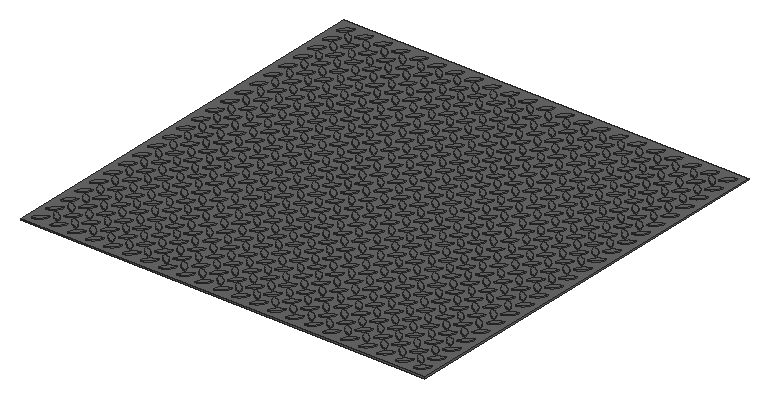
Revit family "141012021113804", category Modelos genéricos, Revit 2018 (continued)
Automatic sketch dimensions
  Blend 368 sketch curve to Blend 368 sketch curve = 0.855 mm  (x2)
  Blend 368 sketch curve to Blend 368 sketch curve = 0.00 mm  (x6)
  Blend 369 sketch curve to Blend 369 sketch curve = 23.647 mm  (x6)
  Blend 369 sketch curve to Blend 369 sketch curve = 16.459 mm  (x6)
  Blend 369 sketch curve to Blend 369 sketch curve = 0.855 mm  (x2)
  Blend 369 sketch curve to Blend 369 sketch curve = 0.00 mm  (x6)
  Blend 370 sketch curve to Blend 370 sketch curve = 23.647 mm  (x6)
  Blend 370 sketch curve to Blend 370 sketch curve = 16.459 mm  (x6)
  Blend 370 sketch curve to Blend 370 sketch curve = 0.855 mm  (x2)
  Blend 370 sketch curve to Blend 370 sketch curve = 0.00 mm  (x6)
  Blend 371 sketch curve to Blend 371 sketch curve = 23.647 mm  (x6)
  Blend 371 sketch curve to Blend 371 sketch curve = 16.459 mm  (x6)
  Blend 371 sketch curve to Blend 371 sketch curve = 0.855 mm  (x2)
  Blend 371 sketch curve to Blend 371 sketch curve = 0.00 mm  (x6)
  Blend 372 sketch curve to Blend 372 sketch curve = 23.647 mm  (x6)
  Blend 372 sketch curve to Blend 372 sketch curve = 16.459 mm  (x6)
  Blend 372 sketch curve to Blend 372 sketch curve = 0.855 mm  (x2)
  Blend 372 sketch curve to Blend 372 sketch curve = 0.00 mm  (x6)
  Blend 373 sketch curve to Blend 373 sketch curve = 23.647 mm  (x6)
  Blend 373 sketch curve to Blend 373 sketch curve = 16.459 mm  (x6)
  Blend 373 sketch curve to Blend 373 sketch curve = 0.855 mm  (x2)
  Blend 373 sketch curve to Blend 373 sketch curve = 0.00 mm  (x6)
  Blend 374 sketch curve to Blend 374 sketch curve = 23.647 mm  (x6)
  Blend 374 sketch curve to Blend 374 sketch curve = 16.459 mm  (x6)
  Blend 374 sketch curve to Blend 374 sketch curve = 0.855 mm  (x2)
  Blend 374 sketch curve to Blend 374 sketch curve = 0.00 mm  (x6)
  Blend 375 sketch curve to Blend 375 sketch curve = 23.647 mm  (x6)
  Blend 375 sketch curve to Blend 375 sketch curve = 16.459 mm  (x6)
  Blend 375 sketch curve to Blend 375 sketch curve = 0.855 mm  (x2)
  Blend 375 sketch curve to Blend 375 sketch curve = 0.00 mm  (x6)
  Blend 376 sketch curve to Blend 376 sketch curve = 23.647 mm  (x6)
  Blend 376 sketch curve to Blend 376 sketch curve = 16.459 mm  (x6)
  Blend 376 sketch curve to Blend 376 sketch curve = 0.855 mm  (x2)
  Blend 376 sketch curve to Blend 376 sketch curve = 0.00 mm  (x6)
  Blend 377 sketch curve to Blend 377 sketch curve = 23.647 mm  (x6)
  Blend 377 sketch curve to Blend 377 sketch curve = 16.459 mm  (x6)
  Blend 377 sketch curve to Blend 377 sketch curve = 0.855 mm  (x2)
  Blend 377 sketch curve to Blend 377 sketch curve = 0.00 mm  (x6)
  Blend 378 sketch curve to Blend 378 sketch curve = 23.647 mm  (x6)
  Blend 378 sketch curve to Blend 378 sketch curve = 16.459 mm  (x6)
  Blend 378 sketch curve to Blend 378 sketch curve = 0.855 mm  (x2)
  Blend 378 sketch curve to Blend 378 sketch curve = 0.00 mm  (x6)
  Blend 379 sketch curve to Blend 379 sketch curve = 23.647 mm  (x6)
  Blend 379 sketch curve to Blend 379 sketch curve = 16.459 mm  (x6)
  Blend 379 sketch curve to Blend 379 sketch curve = 0.855 mm  (x2)
  Blend 379 sketch curve to Blend 379 sketch curve = 0.00 mm  (x6)
  Blend 380 sketch curve to Blend 380 sketch curve = 23.647 mm  (x6)
  Blend 380 sketch curve to Blend 380 sketch curve = 16.459 mm  (x6)
  Blend 380 sketch curve to Blend 380 sketch curve = 0.855 mm  (x2)
  Blend 380 sketch curve to Blend 380 sketch curve = 0.00 mm  (x6)
  Blend 381 sketch curve to Blend 381 sketch curve = 23.647 mm  (x6)
  Blend 381 sketch curve to Blend 381 sketch curve = 16.459 mm  (x6)
  Blend 381 sketch curve to Blend 381 sketch curve = 0.855 mm  (x2)
  Blend 381 sketch curve to Blend 381 sketch curve = 0.00 mm  (x6)
  Blend 382 sketch curve to Blend 382 sketch curve = 23.647 mm  (x6)
  Blend 382 sketch curve to Blend 382 sketch curve = 16.459 mm  (x6)
  Blend 382 sketch curve to Blend 382 sketch curve = 0.855 mm  (x2)
  Blend 382 sketch curve to Blend 382 sketch curve = 0.00 mm  (x6)
  Blend 383 sketch curve to Blend 383 sketch curve = 23.647 mm  (x6)
  Blend 383 sketch curve to Blend 383 sketch curve = 16.459 mm  (x6)
  Blend 383 sketch curve to Blend 383 sketch curve = 0.855 mm  (x2)
  Blend 383 sketch curve to Blend 383 sketch curve = 0.00 mm  (x6)
  Blend 384 sketch curve to Blend 384 sketch curve = 23.647 mm  (x6)
  Blend 384 sketch curve to Blend 384 sketch curve = 16.459 mm  (x6)
  Blend 384 sketch curve to Blend 384 sketch curve = 0.855 mm  (x2)
  Blend 384 sketch curve to Blend 384 sketch curve = 0.00 mm  (x6)
  Blend 385 sketch curve to Blend 385 sketch curve = 23.647 mm  (x6)
  Blend 385 sketch curve to Blend 385 sketch curve = 16.459 mm  (x6)
  Blend 385 sketch curve to Blend 385 sketch curve = 0.855 mm  (x2)
  Blend 385 sketch curve to Blend 385 sketch curve = 0.00 mm  (x6)
  Blend 386 sketch curve to Blend 386 sketch curve = 23.647 mm  (x6)
  Blend 386 sketch curve to Blend 386 sketch curve = 16.459 mm  (x6)
  Blend 386 sketch curve to Blend 386 sketch curve = 0.855 mm  (x2)
  Blend 386 sketch curve to Blend 386 sketch curve = 0.00 mm  (x6)
  Blend 387 sketch curve to Blend 387 sketch curve = 23.647 mm  (x6)
  Blend 387 sketch curve to Blend 387 sketch curve = 16.459 mm  (x6)
  Blend 387 sketch curve to Blend 387 sketch curve = 0.855 mm  (x2)
  Blend 387 sketch curve to Blend 387 sketch curve = 0.00 mm  (x6)
  Blend 388 sketch curve to Blend 388 sketch curve = 23.647 mm  (x6)
  Blend 388 sketch curve to Blend 388 sketch curve = 16.459 mm  (x6)
  Blend 388 sketch curve to Blend 388 sketch curve = 0.855 mm  (x2)
  Blend 388 sketch curve to Blend 388 sketch curve = 0.00 mm  (x6)
  Blend 389 sketch curve to Blend 389 sketch curve = 23.647 mm  (x6)
  Blend 389 sketch curve to Blend 389 sketch curve = 16.459 mm  (x6)
  Blend 389 sketch curve to Blend 389 sketch curve = 0.855 mm  (x2)
  Blend 389 sketch curve to Blend 389 sketch curve = 0.00 mm  (x6)
  Blend 390 sketch curve to Blend 390 sketch curve = 23.647 mm  (x6)
  Blend 390 sketch curve to Blend 390 sketch curve = 16.459 mm  (x6)
  Blend 390 sketch curve to Blend 390 sketch curve = 0.855 mm  (x2)
  Blend 390 sketch curve to Blend 390 sketch curve = 0.00 mm  (x6)
  Blend 391 sketch curve to Blend 391 sketch curve = 23.647 mm  (x6)
  Blend 391 sketch curve to Blend 391 sketch curve = 16.459 mm  (x6)
  Blend 391 sketch curve to Blend 391 sketch curve = 0.855 mm  (x2)
  Blend 391 sketch curve to Blend 391 sketch curve = 0.00 mm  (x6)
  Blend 392 sketch curve to Blend 392 sketch curve = 23.647 mm  (x6)
  Blend 392 sketch curve to Blend 392 sketch curve = 16.459 mm  (x6)
  Blend 392 sketch curve to Blend 392 sketch curve = 0.855 mm  (x2)
  Blend 392 sketch curve to Blend 392 sketch curve = 0.00 mm  (x6)
  Blend 393 sketch curve to Blend 393 sketch curve = 23.647 mm  (x6)
  Blend 393 sketch curve to Blend 393 sketch curve = 16.459 mm  (x6)
  Blend 393 sketch curve to Blend 393 sketch curve = 0.855 mm  (x2)
  Blend 393 sketch curve to Blend 393 sketch curve = 0.00 mm  (x6)
  Blend 394 sketch curve to Blend 394 sketch curve = 23.647 mm  (x6)
  Blend 394 sketch curve to Blend 394 sketch curve = 16.459 mm  (x6)
  Blend 394 sketch curve to Blend 394 sketch curve = 0.855 mm  (x2)
  Blend 394 sketch curve to Blend 394 sketch curve = 0.00 mm  (x6)
  Blend 395 sketch curve to Blend 395 sketch curve = 23.647 mm  (x6)
  Blend 395 sketch curve to Blend 395 sketch curve = 16.459 mm  (x6)
  Blend 395 sketch curve to Blend 395 sketch curve = 0.855 mm  (x2)
  Blend 395 sketch curve to Blend 395 sketch curve = 0.00 mm  (x6)
  Blend 396 sketch curve to Blend 396 sketch curve = 23.647 mm  (x6)
  Blend 396 sketch curve to Blend 396 sketch curve = 16.459 mm  (x6)
  Blend 396 sketch curve to Blend 396 sketch curve = 0.855 mm  (x2)
  Blend 396 sketch curve to Blend 396 sketch curve = 0.00 mm  (x6)
  Blend 397 sketch curve to Blend 397 sketch curve = 23.647 mm  (x6)
  Blend 397 sketch curve to Blend 397 sketch curve = 16.459 mm  (x6)
  Blend 397 sketch curve to Blend 397 sketch curve = 0.855 mm  (x2)
  Blend 397 sketch curve to Blend 397 sketch curve = 0.00 mm  (x6)
  Blend 398 sketch curve to Blend 398 sketch curve = 23.647 mm  (x6)
  Blend 398 sketch curve to Blend 398 sketch curve = 16.459 mm  (x6)
  Blend 398 sketch curve to Blend 398 sketch curve = 0.855 mm  (x2)
  Blend 398 sketch curve to Blend 398 sketch curve = 0.00 mm  (x6)
  Blend 399 sketch curve to Blend 399 sketch curve = 23.647 mm  (x6)
  Blend 399 sketch curve to Blend 399 sketch curve = 16.459 mm  (x6)
  Blend 399 sketch curve to Blend 399 sketch curve = 0.855 mm  (x2)
  Blend 399 sketch curve to Blend 399 sketch curve = 0.00 mm  (x6)
  Blend 400 sketch curve to Blend 400 sketch curve = 23.647 mm  (x6)
  Blend 400 sketch curve to Blend 400 sketch curve = 16.459 mm  (x6)
  Blend 400 sketch curve to Blend 400 sketch curve = 0.855 mm  (x2)
  Blend 400 sketch curve to Blend 400 sketch curve = 0.00 mm  (x6)
  Blend 401 sketch curve to Blend 401 sketch curve = 23.647 mm  (x6)
  Blend 401 sketch curve to Blend 401 sketch curve = 16.459 mm  (x6)
  Blend 401 sketch curve to Blend 401 sketch curve = 0.855 mm  (x2)
  Blend 401 sketch curve to Blend 401 sketch curve = 0.00 mm  (x6)
  Blend 402 sketch curve to Blend 402 sketch curve = 23.647 mm  (x6)
  Blend 402 sketch curve to Blend 402 sketch curve = 16.459 mm  (x6)
  Blend 402 sketch curve to Blend 402 sketch curve = 0.855 mm  (x2)
  Blend 402 sketch curve to Blend 402 sketch curve = 0.00 mm  (x6)
  Blend 403 sketch curve to Blend 403 sketch curve = 23.647 mm  (x6)
  Blend 403 sketch curve to Blend 403 sketch curve = 16.459 mm  (x6)
  Blend 403 sketch curve to Blend 403 sketch curve = 0.855 mm  (x2)
  Blend 403 sketch curve to Blend 403 sketch curve = 0.00 mm  (x6)
  Blend 404 sketch curve to Blend 404 sketch curve = 23.647 mm  (x6)
  Blend 404 sketch curve to Blend 404 sketch curve = 16.459 mm  (x6)
  Blend 404 sketch curve to Blend 404 sketch curve = 0.855 mm  (x2)
  Blend 404 sketch curve to Blend 404 sketch curve = 0.00 mm  (x6)
  Blend 405 sketch curve to Blend 405 sketch curve = 23.647 mm  (x6)
  Blend 405 sketch curve to Blend 405 sketch curve = 16.459 mm  (x6)
  Blend 405 sketch curve to Blend 405 sketch curve = 0.855 mm  (x2)
  Blend 405 sketch curve to Blend 405 sketch curve = 0.00 mm  (x6)
  Blend 406 sketch curve to Blend 406 sketch curve = 23.647 mm  (x6)
  Blend 406 sketch curve to Blend 406 sketch curve = 16.459 mm  (x6)
  Blend 406 sketch curve to Blend 406 sketch curve = 0.855 mm  (x2)
  Blend 406 sketch curve to Blend 406 sketch curve = 0.00 mm  (x6)
  Blend 407 sketch curve to Blend 407 sketch curve = 23.647 mm  (x6)
  Blend 407 sketch curve to Blend 407 sketch curve = 16.459 mm  (x6)
  Blend 407 sketch curve to Blend 407 sketch curve = 0.855 mm  (x2)
  Blend 407 sketch curve to Blend 407 sketch curve = 0.00 mm  (x6)
  Blend 408 sketch curve to Blend 408 sketch curve = 23.647 mm  (x6)
  Blend 408 sketch curve to Blend 408 sketch curve = 16.459 mm  (x6)
  Blend 408 sketch curve to Blend 408 sketch curve = 0.855 mm  (x2)
  Blend 408 sketch curve to Blend 408 sketch curve = 0.00 mm  (x6)
  Blend 409 sketch curve to Blend 409 sketch curve = 23.647 mm  (x6)
  Blend 409 sketch curve to Blend 409 sketch curve = 16.459 mm  (x6)
  Blend 409 sketch curve to Blend 409 sketch curve = 0.855 mm  (x2)
  Blend 409 sketch curve to Blend 409 sketch curve = 0.00 mm  (x6)
  Blend 410 sketch curve to Blend 410 sketch curve = 23.647 mm  (x6)
  Blend 410 sketch curve to Blend 410 sketch curve = 16.459 mm  (x6)
  Blend 410 sketch curve to Blend 410 sketch curve = 0.855 mm  (x2)
  Blend 410 sketch curve to Blend 410 sketch curve = 0.00 mm  (x6)
  Blend 411 sketch curve to Blend 411 sketch curve = 23.647 mm  (x6)
  Blend 411 sketch curve to Blend 411 sketch curve = 16.459 mm  (x6)
  Blend 411 sketch curve to Blend 411 sketch curve = 0.855 mm  (x2)
  Blend 411 sketch curve to Blend 411 sketch curve = 0.00 mm  (x6)
  Blend 412 sketch curve to Blend 412 sketch curve = 23.647 mm  (x6)
  Blend 412 sketch curve to Blend 412 sketch curve = 16.459 mm  (x6)
  Blend 412 sketch curve to Blend 412 sketch curve = 0.855 mm  (x2)
  Blend 412 sketch curve to Blend 412 sketch curve = 0.00 mm  (x6)
  Blend 413 sketch curve to Blend 413 sketch curve = 23.647 mm  (x6)
  Blend 413 sketch curve to Blend 413 sketch curve = 16.459 mm  (x6)
  Blend 413 sketch curve to Blend 413 sketch curve = 0.855 mm  (x2)
  Blend 413 sketch curve to Blend 413 sketch curve = 0.00 mm  (x6)
  Blend 414 sketch curve to Blend 414 sketch curve = 23.647 mm  (x6)
  Blend 414 sketch curve to Blend 414 sketch curve = 16.459 mm  (x6)
  Blend 414 sketch curve to Blend 414 sketch curve = 0.855 mm  (x2)
  Blend 414 sketch curve to Blend 414 sketch curve = 0.00 mm  (x6)
  Blend 415 sketch curve to Blend 415 sketch curve = 23.647 mm  (x6)
  Blend 415 sketch curve to Blend 415 sketch curve = 16.459 mm  (x6)
  Blend 415 sketch curve to Blend 415 sketch curve = 0.855 mm  (x2)
  Blend 415 sketch curve to Blend 415 sketch curve = 0.00 mm  (x6)
  Blend 416 sketch curve to Blend 416 sketch curve = 23.647 mm  (x6)
  Blend 416 sketch curve to Blend 416 sketch curve = 16.459 mm  (x6)
  Blend 416 sketch curve to Blend 416 sketch curve = 0.855 mm  (x2)
  Blend 416 sketch curve to Blend 416 sketch curve = 0.00 mm  (x6)
  Blend 417 sketch curve to Blend 417 sketch curve = 23.647 mm  (x6)
  Blend 417 sketch curve to Blend 417 sketch curve = 16.459 mm  (x6)
  Blend 417 sketch curve to Blend 417 sketch curve = 0.855 mm  (x2)
  Blend 417 sketch curve to Blend 417 sketch curve = 0.00 mm  (x6)
  Blend 418 sketch curve to Blend 418 sketch curve = 23.647 mm  (x6)
  Blend 418 sketch curve to Blend 418 sketch curve = 16.459 mm  (x6)
  Blend 418 sketch curve to Blend 418 sketch curve = 0.855 mm  (x2)
  Blend 418 sketch curve to Blend 418 sketch curve = 0.00 mm  (x6)
  Blend 419 sketch curve to Blend 419 sketch curve = 23.647 mm  (x6)
  Blend 419 sketch curve to Blend 419 sketch curve = 16.459 mm  (x6)
  Blend 419 sketch curve to Blend 419 sketch curve = 0.855 mm  (x2)
  Blend 419 sketch curve to Blend 419 sketch curve = 0.00 mm  (x6)
  Blend 420 sketch curve to Blend 420 sketch curve = 23.647 mm  (x6)
  Blend 420 sketch curve to Blend 420 sketch curve = 16.459 mm  (x6)
  Blend 420 sketch curve to Blend 420 sketch curve = 0.855 mm  (x2)
  Blend 420 sketch curve to Blend 420 sketch curve = 0.00 mm  (x6)
  Blend 421 sketch curve to Blend 421 sketch curve = 23.647 mm  (x6)
  Blend 421 sketch curve to Blend 421 sketch curve = 16.459 mm  (x6)
  Blend 421 sketch curve to Blend 421 sketch curve = 0.855 mm  (x2)
  Blend 421 sketch curve to Blend 421 sketch curve = 0.00 mm  (x6)
  Blend 422 sketch curve to Blend 422 sketch curve = 23.647 mm  (x6)
  Blend 422 sketch curve to Blend 422 sketch curve = 16.459 mm  (x6)
  Blend 422 sketch curve to Blend 422 sketch curve = 0.855 mm  (x2)
  Blend 422 sketch curve to Blend 422 sketch curve = 0.00 mm  (x6)
  Blend 423 sketch curve to Blend 423 sketch curve = 23.647 mm  (x6)
  Blend 423 sketch curve to Blend 423 sketch curve = 16.459 mm  (x6)
  Blend 423 sketch curve to Blend 423 sketch curve = 0.855 mm  (x2)
  Blend 423 sketch curve to Blend 423 sketch curve = 0.00 mm  (x6)
  Blend 424 sketch curve to Blend 424 sketch curve = 23.647 mm  (x6)
  Blend 424 sketch curve to Blend 424 sketch curve = 16.459 mm  (x6)
  Blend 424 sketch curve to Blend 424 sketch curve = 0.855 mm  (x2)
  Blend 424 sketch curve to Blend 424 sketch curve = 0.00 mm  (x6)
  Blend 425 sketch curve to Blend 425 sketch curve = 23.647 mm  (x6)
  Blend 425 sketch curve to Blend 425 sketch curve = 16.459 mm  (x6)
  Blend 425 sketch curve to Blend 425 sketch curve = 0.855 mm  (x2)
  Blend 425 sketch curve to Blend 425 sketch curve = 0.00 mm  (x6)
  Blend 426 sketch curve to Blend 426 sketch curve = 23.647 mm  (x6)
  Blend 426 sketch curve to Blend 426 sketch curve = 16.459 mm  (x6)
  Blend 426 sketch curve to Blend 426 sketch curve = 0.855 mm  (x2)
  Blend 426 sketch curve to Blend 426 sketch curve = 0.00 mm  (x6)
  Blend 427 sketch curve to Blend 427 sketch curve = 23.647 mm  (x6)
  Blend 427 sketch curve to Blend 427 sketch curve = 16.459 mm  (x6)
  Blend 427 sketch curve to Blend 427 sketch curve = 0.855 mm  (x2)
  Blend 427 sketch curve to Blend 427 sketch curve = 0.00 mm  (x6)
  Blend 428 sketch curve to Blend 428 sketch curve = 23.647 mm  (x6)
  Blend 428 sketch curve to Blend 428 sketch curve = 16.459 mm  (x6)
  Blend 428 sketch curve to Blend 428 sketch curve = 0.855 mm  (x2)
  Blend 428 sketch curve to Blend 428 sketch curve = 0.00 mm  (x6)
  Blend 429 sketch curve to Blend 429 sketch curve = 23.647 mm  (x6)
  Blend 429 sketch curve to Blend 429 sketch curve = 16.459 mm  (x6)
  Blend 429 sketch curve to Blend 429 sketch curve = 0.855 mm  (x2)
  Blend 429 sketch curve to Blend 429 sketch curve = 0.00 mm  (x6)
  Blend 430 sketch curve to Blend 430 sketch curve = 23.647 mm  (x6)
  Blend 430 sketch curve to Blend 430 sketch curve = 16.459 mm  (x6)
  Blend 430 sketch curve to Blend 430 sketch curve = 0.855 mm  (x2)
  Blend 430 sketch curve to Blend 430 sketch curve = 0.00 mm  (x6)
  Blend 431 sketch curve to Blend 431 sketch curve = 23.647 mm  (x6)
  Blend 431 sketch curve to Blend 431 sketch curve = 16.459 mm  (x6)
  Blend 431 sketch curve to Blend 431 sketch curve = 0.855 mm  (x2)
  Blend 431 sketch curve to Blend 431 sketch curve = 0.00 mm  (x6)
  Blend 432 sketch curve to Blend 432 sketch curve = 23.647 mm  (x6)
  Blend 432 sketch curve to Blend 432 sketch curve = 16.459 mm  (x6)
  Blend 432 sketch curve to Blend 432 sketch curve = 0.855 mm  (x2)
  Blend 432 sketch curve to Blend 432 sketch curve = 0.00 mm  (x6)
  Blend 433 sketch curve to Blend 433 sketch curve = 23.647 mm  (x6)
  Blend 433 sketch curve to Blend 433 sketch curve = 16.459 mm  (x6)
  Blend 433 sketch curve to Blend 433 sketch curve = 0.855 mm  (x2)
  Blend 433 sketch curve to Blend 433 sketch curve = 0.00 mm  (x6)
  Blend 434 sketch curve to Blend 434 sketch curve = 23.647 mm  (x6)
  Blend 434 sketch curve to Blend 434 sketch curve = 16.459 mm  (x6)
  Blend 434 sketch curve to Blend 434 sketch curve = 0.855 mm  (x2)
  Blend 434 sketch curve to Blend 434 sketch curve = 0.00 mm  (x6)
  Blend 435 sketch curve to Blend 435 sketch curve = 23.647 mm  (x6)
  Blend 435 sketch curve to Blend 435 sketch curve = 16.459 mm  (x6)
  Blend 435 sketch curve to Blend 435 sketch curve = 0.855 mm  (x2)
  Blend 435 sketch curve to Blend 435 sketch curve = 0.00 mm  (x6)
  Blend 436 sketch curve to Blend 436 sketch curve = 23.647 mm  (x6)
  Blend 436 sketch curve to Blend 436 sketch curve = 16.459 mm  (x6)
  Blend 436 sketch curve to Blend 436 sketch curve = 0.855 mm  (x2)
  Blend 436 sketch curve to Blend 436 sketch curve = 0.00 mm  (x6)
  Blend 437 sketch curve to Blend 437 sketch curve = 23.647 mm  (x6)
  Blend 437 sketch curve to Blend 437 sketch curve = 16.459 mm  (x6)
  Blend 437 sketch curve to Blend 437 sketch curve = 0.855 mm  (x2)
  Blend 437 sketch curve to Blend 437 sketch curve = 0.00 mm  (x6)
  Blend 438 sketch curve to Blend 438 sketch curve = 23.647 mm  (x6)
  Blend 438 sketch curve to Blend 438 sketch curve = 16.459 mm  (x6)
  Blend 438 sketch curve to Blend 438 sketch curve = 0.855 mm  (x2)
  Blend 438 sketch curve to Blend 438 sketch curve = 0.00 mm  (x6)
  Blend 439 sketch curve to Blend 439 sketch curve = 23.647 mm  (x6)
  Blend 439 sketch curve to Blend 439 sketch curve = 16.459 mm  (x6)
  Blend 439 sketch curve to Blend 439 sketch curve = 0.855 mm  (x2)
  Blend 439 sketch curve to Blend 439 sketch curve = 0.00 mm  (x6)
  Blend 440 sketch curve to Blend 440 sketch curve = 23.647 mm  (x6)
  Blend 440 sketch curve to Blend 440 sketch curve = 16.459 mm  (x6)
  Blend 440 sketch curve to Blend 440 sketch curve = 0.855 mm  (x2)
  Blend 440 sketch curve to Blend 440 sketch curve = 0.00 mm  (x6)
  Blend 441 sketch curve to Blend 441 sketch curve = 23.647 mm  (x6)
  Blend 441 sketch curve to Blend 441 sketch curve = 16.459 mm  (x6)
  Blend 441 sketch curve to Blend 441 sketch curve = 0.855 mm  (x2)
  Blend 441 sketch curve to Blend 441 sketch curve = 0.00 mm  (x6)
  Blend 442 sketch curve to Blend 442 sketch curve = 23.647 mm  (x6)
  Blend 442 sketch curve to Blend 442 sketch curve = 16.459 mm  (x6)
  Blend 442 sketch curve to Blend 442 sketch curve = 0.855 mm  (x2)
  Blend 442 sketch curve to Blend 442 sketch curve = 0.00 mm  (x6)
  Blend 443 sketch curve to Blend 443 sketch curve = 23.647 mm  (x6)
  Blend 443 sketch curve to Blend 443 sketch curve = 16.459 mm  (x6)
  Blend 443 sketch curve to Blend 443 sketch curve = 0.855 mm  (x2)
  Blend 443 sketch curve to Blend 443 sketch curve = 0.00 mm  (x6)
  Blend 444 sketch curve to Blend 444 sketch curve = 23.647 mm  (x6)
  Blend 444 sketch curve to Blend 444 sketch curve = 16.459 mm  (x6)
  Blend 444 sketch curve to Blend 444 sketch curve = 0.855 mm  (x2)
  Blend 444 sketch curve to Blend 444 sketch curve = 0.00 mm  (x6)
  Blend 445 sketch curve to Blend 445 sketch curve = 23.647 mm  (x6)
  Blend 445 sketch curve to Blend 445 sketch curve = 16.459 mm  (x6)
  Blend 445 sketch curve to Blend 445 sketch curve = 0.855 mm  (x2)
  Blend 445 sketch curve to Blend 445 sketch curve = 0.00 mm  (x6)
  Blend 446 sketch curve to Blend 446 sketch curve = 23.647 mm  (x6)
  Blend 446 sketch curve to Blend 446 sketch curve = 16.459 mm  (x6)
  Blend 446 sketch curve to Blend 446 sketch curve = 0.855 mm  (x2)
  Blend 446 sketch curve to Blend 446 sketch curve = 0.00 mm  (x6)
  Blend 447 sketch curve to Blend 447 sketch curve = 23.647 mm  (x6)
  Blend 447 sketch curve to Blend 447 sketch curve = 16.459 mm  (x6)
  Blend 447 sketch curve to Blend 447 sketch curve = 0.855 mm  (x2)
  Blend 447 sketch curve to Blend 447 sketch curve = 0.00 mm  (x6)
  Blend 448 sketch curve to Blend 448 sketch curve = 23.647 mm  (x6)
  Blend 448 sketch curve to Blend 448 sketch curve = 16.459 mm  (x6)
  Blend 448 sketch curve to Blend 448 sketch curve = 0.855 mm  (x2)
  Blend 448 sketch curve to Blend 448 sketch curve = 0.00 mm  (x6)
  Blend 449 sketch curve to Blend 449 sketch curve = 23.647 mm  (x6)
  Blend 449 sketch curve to Blend 449 sketch curve = 16.459 mm  (x6)
  Blend 449 sketch curve to Blend 449 sketch curve = 0.855 mm  (x2)
  Blend 449 sketch curve to Blend 449 sketch curve = 0.00 mm  (x6)
  Blend 450 sketch curve to Blend 450 sketch curve = 23.647 mm  (x6)
  Blend 450 sketch curve to Blend 450 sketch curve = 16.459 mm  (x6)
  Blend 450 sketch curve to Blend 450 sketch curve = 0.855 mm  (x2)
  Blend 450 sketch curve to Blend 450 sketch curve = 0.00 mm  (x6)
  Blend 451 sketch curve to Blend 451 sketch curve = 23.647 mm  (x6)
  Blend 451 sketch curve to Blend 451 sketch curve = 16.459 mm  (x6)
  Blend 451 sketch curve to Blend 451 sketch curve = 0.855 mm  (x2)
  Blend 451 sketch curve to Blend 451 sketch curve = 0.00 mm  (x6)
  Blend 452 sketch curve to Blend 452 sketch curve = 23.647 mm  (x6)
  Blend 452 sketch curve to Blend 452 sketch curve = 16.459 mm  (x6)
  Blend 452 sketch curve to Blend 452 sketch curve = 0.855 mm  (x2)
  Blend 452 sketch curve to Blend 452 sketch curve = 0.00 mm  (x6)
  Blend 453 sketch curve to Blend 453 sketch curve = 23.647 mm  (x6)
  Blend 453 sketch curve to Blend 453 sketch curve = 16.459 mm  (x6)
  Blend 453 sketch curve to Blend 453 sketch curve = 0.855 mm  (x2)
  Blend 453 sketch curve to Blend 453 sketch curve = 0.00 mm  (x6)
  Blend 454 sketch curve to Blend 454 sketch curve = 23.647 mm  (x6)
  Blend 454 sketch curve to Blend 454 sketch curve = 16.459 mm  (x6)
  Blend 454 sketch curve to Blend 454 sketch curve = 0.855 mm  (x2)
  Blend 454 sketch curve to Blend 454 sketch curve = 0.00 mm  (x6)
  Blend 455 sketch curve to Blend 455 sketch curve = 23.647 mm  (x6)
  Blend 455 sketch curve to Blend 455 sketch curve = 16.459 mm  (x6)
  Blend 455 sketch curve to Blend 455 sketch curve = 0.855 mm  (x2)
  Blend 455 sketch curve to Blend 455 sketch curve = 0.00 mm  (x6)
  Blend 456 sketch curve to Blend 456 sketch curve = 23.647 mm  (x6)
  Blend 456 sketch curve to Blend 456 sketch curve = 16.459 mm  (x6)
  Blend 456 sketch curve to Blend 456 sketch curve = 0.855 mm  (x2)
  Blend 456 sketch curve to Blend 456 sketch curve = 0.00 mm  (x6)
  Blend 457 sketch curve to Blend 457 sketch curve = 23.647 mm  (x6)
  Blend 457 sketch curve to Blend 457 sketch curve = 16.459 mm  (x6)
  Blend 457 sketch curve to Blend 457 sketch curve = 0.855 mm  (x2)
  Blend 457 sketch curve to Blend 457 sketch curve = 0.00 mm  (x6)
  Blend 458 sketch curve to Blend 458 sketch curve = 23.647 mm  (x6)
  Blend 458 sketch curve to Blend 458 sketch curve = 16.459 mm  (x6)
  Blend 458 sketch curve to Blend 458 sketch curve = 0.855 mm  (x2)
  Blend 458 sketch curve to Blend 458 sketch curve = 0.00 mm  (x6)
  Blend 459 sketch curve to Blend 459 sketch curve = 23.647 mm  (x6)
  Blend 459 sketch curve to Blend 459 sketch curve = 16.459 mm  (x6)
  Blend 459 sketch curve to Blend 459 sketch curve = 0.855 mm  (x2)
  Blend 459 sketch curve to Blend 459 sketch curve = 0.00 mm  (x6)
  Blend 460 sketch curve to Blend 460 sketch curve = 23.647 mm  (x6)
  Blend 460 sketch curve to Blend 460 sketch curve = 16.459 mm  (x6)
  Blend 460 sketch curve to Blend 460 sketch curve = 0.855 mm  (x2)
  Blend 460 sketch curve to Blend 460 sketch curve = 0.00 mm  (x6)
  Blend 461 sketch curve to Blend 461 sketch curve = 23.647 mm  (x6)
  Blend 461 sketch curve to Blend 461 sketch curve = 16.459 mm  (x6)
  Blend 461 sketch curve to Blend 461 sketch curve = 0.855 mm  (x2)
  Blend 461 sketch curve to Blend 461 sketch curve = 0.00 mm  (x6)
  Blend 462 sketch curve to Blend 462 sketch curve = 23.647 mm  (x6)
  Blend 462 sketch curve to Blend 462 sketch curve = 16.459 mm  (x6)
  Blend 462 sketch curve to Blend 462 sketch curve = 0.855 mm  (x2)
  Blend 462 sketch curve to Blend 462 sketch curve = 0.00 mm  (x6)
  Blend 463 sketch curve to Blend 463 sketch curve = 23.647 mm  (x6)
  Blend 463 sketch curve to Blend 463 sketch curve = 16.459 mm  (x6)
  Blend 463 sketch curve to Blend 463 sketch curve = 0.855 mm  (x2)
  Blend 463 sketch curve to Blend 463 sketch curve = 0.00 mm  (x6)
  Blend 464 sketch curve to Blend 464 sketch curve = 23.647 mm  (x6)
  Blend 464 sketch curve to Blend 464 sketch curve = 16.459 mm  (x6)
  Blend 464 sketch curve to Blend 464 sketch curve = 0.855 mm  (x2)
  Blend 464 sketch curve to Blend 464 sketch curve = 0.00 mm  (x6)
  Blend 465 sketch curve to Blend 465 sketch curve = 23.647 mm  (x6)
  Blend 465 sketch curve to Blend 465 sketch curve = 16.459 mm  (x6)
  Blend 465 sketch curve to Blend 465 sketch curve = 0.855 mm  (x2)
  Blend 465 sketch curve to Blend 465 sketch curve = 0.00 mm  (x6)
  Blend 466 sketch curve to Blend 466 sketch curve = 23.647 mm  (x6)
  Blend 466 sketch curve to Blend 466 sketch curve = 16.459 mm  (x6)
  Blend 466 sketch curve to Blend 466 sketch curve = 0.855 mm  (x2)
  Blend 466 sketch curve to Blend 466 sketch curve = 0.00 mm  (x6)
  Blend 467 sketch curve to Blend 467 sketch curve = 23.647 mm  (x6)
  Blend 467 sketch curve to Blend 467 sketch curve = 16.459 mm  (x6)
  Blend 467 sketch curve to Blend 467 sketch curve = 0.855 mm  (x2)
  Blend 467 sketch curve to Blend 467 sketch curve = 0.00 mm  (x6)
  Blend 468 sketch curve to Blend 468 sketch curve = 23.647 mm  (x6)
  Blend 468 sketch curve to Blend 468 sketch curve = 16.459 mm  (x6)
  Blend 468 sketch curve to Blend 468 sketch curve = 0.855 mm  (x2)
  Blend 468 sketch curve to Blend 468 sketch curve = 0.00 mm  (x6)
  Blend 469 sketch curve to Blend 469 sketch curve = 23.647 mm  (x6)
  Blend 469 sketch curve to Blend 469 sketch curve = 16.459 mm  (x6)
  Blend 469 sketch curve to Blend 469 sketch curve = 0.855 mm  (x2)
  Blend 469 sketch curve to Blend 469 sketch curve = 0.00 mm  (x6)
  Blend 470 sketch curve to Blend 470 sketch curve = 23.647 mm  (x6)
  Blend 470 sketch curve to Blend 470 sketch curve = 16.459 mm  (x6)
  Blend 470 sketch curve to Blend 470 sketch curve = 0.855 mm  (x2)
  Blend 470 sketch curve to Blend 470 sketch curve = 0.00 mm  (x6)
  Blend 471 sketch curve to Blend 471 sketch curve = 23.647 mm  (x6)
  Blend 471 sketch curve to Blend 471 sketch curve = 16.459 mm  (x6)
  Blend 471 sketch curve to Blend 471 sketch curve = 0.855 mm  (x2)
  Blend 471 sketch curve to Blend 471 sketch curve = 0.00 mm  (x6)
  Blend 472 sketch curve to Blend 472 sketch curve = 23.647 mm  (x6)
  Blend 472 sketch curve to Blend 472 sketch curve = 16.459 mm  (x6)
  Blend 472 sketch curve to Blend 472 sketch curve = 0.855 mm  (x2)
  Blend 472 sketch curve to Blend 472 sketch curve = 0.00 mm  (x6)
  Blend 473 sketch curve to Blend 473 sketch curve = 23.647 mm  (x6)
  Blend 473 sketch curve to Blend 473 sketch curve = 16.459 mm  (x6)
  Blend 473 sketch curve to Blend 473 sketch curve = 0.855 mm  (x2)
  Blend 473 sketch curve to Blend 473 sketch curve = 0.00 mm  (x6)
  Blend 474 sketch curve to Blend 474 sketch curve = 23.647 mm  (x6)
  Blend 474 sketch curve to Blend 474 sketch curve = 16.459 mm  (x6)
  Blend 474 sketch curve to Blend 474 sketch curve = 0.855 mm  (x2)
  Blend 474 sketch curve to Blend 474 sketch curve = 0.00 mm  (x6)
  Blend 475 sketch curve to Blend 475 sketch curve = 23.647 mm  (x6)
  Blend 475 sketch curve to Blend 475 sketch curve = 16.459 mm  (x6)
  Blend 475 sketch curve to Blend 475 sketch curve = 0.855 mm  (x2)
  Blend 475 sketch curve to Blend 475 sketch curve = 0.00 mm  (x6)
  Blend 476 sketch curve to Blend 476 sketch curve = 23.647 mm  (x6)
  Blend 476 sketch curve to Blend 476 sketch curve = 16.459 mm  (x6)
  Blend 476 sketch curve to Blend 476 sketch curve = 0.855 mm  (x2)
  Blend 476 sketch curve to Blend 476 sketch curve = 0.00 mm  (x6)
  Blend 477 sketch curve to Blend 477 sketch curve = 23.647 mm  (x6)
  Blend 477 sketch curve to Blend 477 sketch curve = 16.459 mm  (x6)
  Blend 477 sketch curve to Blend 477 sketch curve = 0.855 mm  (x2)
  Blend 477 sketch curve to Blend 477 sketch curve = 0.00 mm  (x6)
  Blend 478 sketch curve to Blend 478 sketch curve = 23.647 mm  (x6)
  Blend 478 sketch curve to Blend 478 sketch curve = 16.459 mm  (x6)
  Blend 478 sketch curve to Blend 478 sketch curve = 0.855 mm  (x2)
  Blend 478 sketch curve to Blend 478 sketch curve = 0.00 mm  (x6)
  Blend 479 sketch curve to Blend 479 sketch curve = 23.647 mm  (x6)
  Blend 479 sketch curve to Blend 479 sketch curve = 16.459 mm  (x6)
  Blend 479 sketch curve to Blend 479 sketch curve = 0.855 mm  (x2)
  Blend 479 sketch curve to Blend 479 sketch curve = 0.00 mm  (x6)
  Blend 480 sketch curve to Blend 480 sketch curve = 23.647 mm  (x6)
  Blend 480 sketch curve to Blend 480 sketch curve = 16.459 mm  (x6)
  Blend 480 sketch curve to Blend 480 sketch curve = 0.855 mm  (x2)
  Blend 480 sketch curve to Blend 480 sketch curve = 0.00 mm  (x6)
  Blend 481 sketch curve to Blend 481 sketch curve = 23.647 mm  (x6)
  Blend 481 sketch curve to Blend 481 sketch curve = 16.459 mm  (x6)
  Blend 481 sketch curve to Blend 481 sketch curve = 0.855 mm  (x2)
  Blend 481 sketch curve to Blend 481 sketch curve = 0.00 mm  (x6)
  Blend 482 sketch curve to Blend 482 sketch curve = 23.647 mm  (x6)
  Blend 482 sketch curve to Blend 482 sketch curve = 16.459 mm  (x6)
  Blend 482 sketch curve to Blend 482 sketch curve = 0.855 mm  (x2)
  Blend 482 sketch curve to Blend 482 sketch curve = 0.00 mm  (x6)
  Blend 483 sketch curve to Blend 483 sketch curve = 23.647 mm  (x6)
  Blend 483 sketch curve to Blend 483 sketch curve = 16.459 mm  (x6)
  Blend 483 sketch curve to Blend 483 sketch curve = 0.855 mm  (x2)
  Blend 483 sketch curve to Blend 483 sketch curve = 0.00 mm  (x6)
  Blend 484 sketch curve to Blend 484 sketch curve = 23.647 mm  (x6)
  Blend 484 sketch curve to Blend 484 sketch curve = 16.459 mm  (x6)
  Blend 484 sketch curve to Blend 484 sketch curve = 0.855 mm  (x2)
  Blend 484 sketch curve to Blend 484 sketch curve = 0.00 mm  (x6)
  Blend 485 sketch curve to Blend 485 sketch curve = 23.647 mm  (x6)
  Blend 485 sketch curve to Blend 485 sketch curve = 16.459 mm  (x6)
  Blend 485 sketch curve to Blend 485 sketch curve = 0.855 mm  (x2)
  Blend 485 sketch curve to Blend 485 sketch curve = 0.00 mm  (x6)
  Blend 486 sketch curve to Blend 486 sketch curve = 23.647 mm  (x6)
  Blend 486 sketch curve to Blend 486 sketch curve = 16.459 mm  (x6)
  Blend 486 sketch curve to Blend 486 sketch curve = 0.855 mm  (x2)
  Blend 486 sketch curve to Blend 486 sketch curve = 0.00 mm  (x6)
  Blend 487 sketch curve to Blend 487 sketch curve = 23.647 mm  (x6)
  Blend 487 sketch curve to Blend 487 sketch curve = 16.459 mm  (x6)
  Blend 487 sketch curve to Blend 487 sketch curve = 0.855 mm  (x2)
  Blend 487 sketch curve to Blend 487 sketch curve = 0.00 mm  (x6)
  Blend 488 sketch curve to Blend 488 sketch curve = 23.647 mm  (x6)
  Blend 488 sketch curve to Blend 488 sketch curve = 16.459 mm  (x6)
  Blend 488 sketch curve to Blend 488 sketch curve = 0.855 mm  (x2)
  Blend 488 sketch curve to Blend 488 sketch curve = 0.00 mm  (x6)
  Blend 489 sketch curve to Blend 489 sketch curve = 23.647 mm  (x6)
  Blend 489 sketch curve to Blend 489 sketch curve = 16.459 mm  (x6)
  Blend 489 sketch curve to Blend 489 sketch curve = 0.855 mm  (x2)
  Blend 489 sketch curve to Blend 489 sketch curve = 0.00 mm  (x6)
  Blend 490 sketch curve to Blend 490 sketch curve = 23.647 mm  (x6)
  Blend 490 sketch curve to Blend 490 sketch curve = 16.459 mm  (x6)
  Blend 490 sketch curve to Blend 490 sketch curve = 0.855 mm  (x2)
  Blend 490 sketch curve to Blend 490 sketch curve = 0.00 mm  (x6)
  Blend 491 sketch curve to Blend 491 sketch curve = 23.647 mm  (x6)
  Blend 491 sketch curve to Blend 491 sketch curve = 16.459 mm  (x6)
  Blend 491 sketch curve to Blend 491 sketch curve = 0.855 mm  (x2)
  Blend 491 sketch curve to Blend 491 sketch curve = 0.00 mm  (x6)
  Blend 492 sketch curve to Blend 492 sketch curve = 23.647 mm  (x6)
  Blend 492 sketch curve to Blend 492 sketch curve = 16.459 mm  (x6)
  Blend 492 sketch curve to Blend 492 sketch curve = 0.855 mm  (x2)
  Blend 492 sketch curve to Blend 492 sketch curve = 0.00 mm  (x6)
  Blend 493 sketch curve to Blend 493 sketch curve = 23.647 mm  (x6)
  Blend 493 sketch curve to Blend 493 sketch curve = 16.459 mm  (x6)
  Blend 493 sketch curve to Blend 493 sketch curve = 0.855 mm  (x2)
  Blend 493 sketch curve to Blend 493 sketch curve = 0.00 mm  (x6)
  Blend 494 sketch curve to Blend 494 sketch curve = 23.647 mm  (x6)
  Blend 494 sketch curve to Blend 494 sketch curve = 16.459 mm  (x6)
  Blend 494 sketch curve to Blend 494 sketch curve = 0.855 mm  (x2)
  Blend 494 sketch curve to Blend 494 sketch curve = 0.00 mm  (x6)
  Blend 495 sketch curve to Blend 495 sketch curve = 23.647 mm  (x6)
  Blend 495 sketch curve to Blend 495 sketch curve = 16.459 mm  (x6)
  Blend 495 sketch curve to Blend 495 sketch curve = 0.855 mm  (x2)
  Blend 495 sketch curve to Blend 495 sketch curve = 0.00 mm  (x6)
  Blend 496 sketch curve to Blend 496 sketch curve = 23.647 mm  (x6)
  Blend 496 sketch curve to Blend 496 sketch curve = 16.459 mm  (x6)
  Blend 496 sketch curve to Blend 496 sketch curve = 0.855 mm  (x2)
  Blend 496 sketch curve to Blend 496 sketch curve = 0.00 mm  (x6)
  Blend 497 sketch curve to Blend 497 sketch curve = 23.647 mm  (x6)
  Blend 497 sketch curve to Blend 497 sketch curve = 16.459 mm  (x6)
  Blend 497 sketch curve to Blend 497 sketch curve = 0.855 mm  (x2)
  Blend 497 sketch curve to Blend 497 sketch curve = 0.00 mm  (x6)
  Blend 498 sketch curve to Blend 498 sketch curve = 23.647 mm  (x6)
  Blend 498 sketch curve to Blend 498 sketch curve = 16.459 mm  (x6)
  Blend 498 sketch curve to Blend 498 sketch curve = 0.855 mm  (x2)
  Blend 498 sketch curve to Blend 498 sketch curve = 0.00 mm  (x6)
  Blend 499 sketch curve to Blend 499 sketch curve = 23.647 mm  (x6)
  Blend 499 sketch curve to Blend 499 sketch curve = 16.459 mm  (x6)
  Blend 499 sketch curve to Blend 499 sketch curve = 0.855 mm  (x2)
  Blend 499 sketch curve to Blend 499 sketch curve = 0.00 mm  (x6)
  Blend 500 sketch curve to Blend 500 sketch curve = 23.647 mm  (x6)
  Blend 500 sketch curve to Blend 500 sketch curve = 16.459 mm  (x6)
  Blend 500 sketch curve to Blend 500 sketch curve = 0.855 mm  (x2)
  Blend 500 sketch curve to Blend 500 sketch curve = 0.00 mm  (x6)
  Blend 501 sketch curve to Blend 501 sketch curve = 23.647 mm  (x6)
  Blend 501 sketch curve to Blend 501 sketch curve = 16.459 mm  (x6)
  Blend 501 sketch curve to Blend 501 sketch curve = 0.855 mm  (x2)
  Blend 501 sketch curve to Blend 501 sketch curve = 0.00 mm  (x6)
  Blend 502 sketch curve to Blend 502 sketch curve = 23.647 mm  (x6)
  Blend 502 sketch curve to Blend 502 sketch curve = 16.459 mm  (x6)
  Blend 502 sketch curve to Blend 502 sketch curve = 0.855 mm  (x2)
  Blend 502 sketch curve to Blend 502 sketch curve = 0.00 mm  (x6)
  Blend 503 sketch curve to Blend 503 sketch curve = 23.647 mm  (x6)
  Blend 503 sketch curve to Blend 503 sketch curve = 16.459 mm  (x6)
  Blend 503 sketch curve to Blend 503 sketch curve = 0.855 mm  (x2)
  Blend 503 sketch curve to Blend 503 sketch curve = 0.00 mm  (x6)
  Blend 504 sketch curve to Blend 504 sketch curve = 23.647 mm  (x6)
  Blend 504 sketch curve to Blend 504 sketch curve = 16.459 mm  (x6)
  Blend 504 sketch curve to Blend 504 sketch curve = 0.855 mm  (x2)
  Blend 504 sketch curve to Blend 504 sketch curve = 0.00 mm  (x6)
  Blend 505 sketch curve to Blend 505 sketch curve = 23.647 mm  (x6)
  Blend 505 sketch curve to Blend 505 sketch curve = 16.459 mm  (x6)
  Blend 505 sketch curve to Blend 505 sketch curve = 0.855 mm  (x2)
  Blend 505 sketch curve to Blend 505 sketch curve = 0.00 mm  (x6)
  Blend 506 sketch curve to Blend 506 sketch curve = 23.647 mm  (x6)
  Blend 506 sketch curve to Blend 506 sketch curve = 16.459 mm  (x6)
  Blend 506 sketch curve to Blend 506 sketch curve = 0.855 mm  (x2)
  Blend 506 sketch curve to Blend 506 sketch curve = 0.00 mm  (x6)
  Blend 507 sketch curve to Blend 507 sketch curve = 23.647 mm  (x6)
  Blend 507 sketch curve to Blend 507 sketch curve = 16.459 mm  (x6)
  Blend 507 sketch curve to Blend 507 sketch curve = 0.855 mm  (x2)
  Blend 507 sketch curve to Blend 507 sketch curve = 0.00 mm  (x6)
  Blend 508 sketch curve to Blend 508 sketch curve = 23.647 mm  (x6)
  Blend 508 sketch curve to Blend 508 sketch curve = 16.459 mm  (x6)
  Blend 508 sketch curve to Blend 508 sketch curve = 0.855 mm  (x2)
  Blend 508 sketch curve to Blend 508 sketch curve = 0.00 mm  (x6)
  Blend 509 sketch curve to Blend 509 sketch curve = 23.647 mm  (x6)
  Blend 509 sketch curve to Blend 509 sketch curve = 16.459 mm  (x6)
  Blend 509 sketch curve to Blend 509 sketch curve = 0.855 mm  (x2)
  Blend 509 sketch curve to Blend 509 sketch curve = 0.00 mm  (x6)
  Blend 510 sketch curve to Blend 510 sketch curve = 23.647 mm  (x6)
  Blend 510 sketch curve to Blend 510 sketch curve = 16.459 mm  (x6)
  Blend 510 sketch curve to Blend 510 sketch curve = 0.855 mm  (x2)
  Blend 510 sketch curve to Blend 510 sketch curve = 0.00 mm  (x6)
  Blend 511 sketch curve to Blend 511 sketch curve = 23.647 mm  (x6)
  Blend 511 sketch curve to Blend 511 sketch curve = 16.459 mm  (x6)
  Blend 511 sketch curve to Blend 511 sketch curve = 0.855 mm  (x2)
  Blend 511 sketch curve to Blend 511 sketch curve = 0.00 mm  (x6)
  Blend 512 sketch curve to Blend 512 sketch curve = 23.647 mm  (x6)
  Blend 512 sketch curve to Blend 512 sketch curve = 16.459 mm  (x6)
  Blend 512 sketch curve to Blend 512 sketch curve = 0.855 mm  (x2)
  Blend 512 sketch curve to Blend 512 sketch curve = 0.00 mm  (x6)
  Blend 513 sketch curve to Blend 513 sketch curve = 23.647 mm  (x6)
  Blend 513 sketch curve to Blend 513 sketch curve = 16.459 mm  (x6)
  Blend 513 sketch curve to Blend 513 sketch curve = 0.855 mm  (x2)
  Blend 513 sketch curve to Blend 513 sketch curve = 0.00 mm  (x6)
  Blend 514 sketch curve to Blend 514 sketch curve = 23.647 mm  (x6)
  Blend 514 sketch curve to Blend 514 sketch curve = 16.459 mm  (x6)
  Blend 514 sketch curve to Blend 514 sketch curve = 0.855 mm  (x2)
  Blend 514 sketch curve to Blend 514 sketch curve = 0.00 mm  (x6)
  Blend 515 sketch curve to Blend 515 sketch curve = 23.647 mm  (x6)
  Blend 515 sketch curve to Blend 515 sketch curve = 16.459 mm  (x6)
  Blend 515 sketch curve to Blend 515 sketch curve = 0.855 mm  (x2)
  Blend 515 sketch curve to Blend 515 sketch curve = 0.00 mm  (x6)
  Blend 516 sketch curve to Blend 516 sketch curve = 23.647 mm  (x6)
  Blend 516 sketch curve to Blend 516 sketch curve = 16.459 mm  (x6)
  Blend 516 sketch curve to Blend 516 sketch curve = 0.855 mm  (x2)
  Blend 516 sketch curve to Blend 516 sketch curve = 0.00 mm  (x6)
  Blend 517 sketch curve to Blend 517 sketch curve = 23.647 mm  (x6)
  Blend 517 sketch curve to Blend 517 sketch curve = 16.459 mm  (x6)
  Blend 517 sketch curve to Blend 517 sketch curve = 0.855 mm  (x2)
  Blend 517 sketch curve to Blend 517 sketch curve = 0.00 mm  (x6)
  Blend 518 sketch curve to Blend 518 sketch curve = 23.647 mm  (x6)
  Blend 518 sketch curve to Blend 518 sketch curve = 16.459 mm  (x6)
  Blend 518 sketch curve to Blend 518 sketch curve = 0.855 mm  (x2)
  Blend 518 sketch curve to Blend 518 sketch curve = 0.00 mm  (x6)
  Blend 519 sketch curve to Blend 519 sketch curve = 23.647 mm  (x6)
  Blend 519 sketch curve to Blend 519 sketch curve = 16.459 mm  (x6)
  Blend 519 sketch curve to Blend 519 sketch curve = 0.855 mm  (x2)
  Blend 519 sketch curve to Blend 519 sketch curve = 0.00 mm  (x6)
  Blend 520 sketch curve to Blend 520 sketch curve = 23.647 mm  (x6)
  Blend 520 sketch curve to Blend 520 sketch curve = 16.459 mm  (x6)
  Blend 520 sketch curve to Blend 520 sketch curve = 0.855 mm  (x2)
  Blend 520 sketch curve to Blend 520 sketch curve = 0.00 mm  (x6)
  Blend 521 sketch curve to Blend 521 sketch curve = 23.647 mm  (x6)
  Blend 521 sketch curve to Blend 521 sketch curve = 16.459 mm  (x6)
  Blend 521 sketch curve to Blend 521 sketch curve = 0.855 mm  (x2)
  Blend 521 sketch curve to Blend 521 sketch curve = 0.00 mm  (x6)
  Blend 522 sketch curve to Blend 522 sketch curve = 23.647 mm  (x6)
  Blend 522 sketch curve to Blend 522 sketch curve = 16.459 mm  (x6)
  Blend 522 sketch curve to Blend 522 sketch curve = 0.855 mm  (x2)
  Blend 522 sketch curve to Blend 522 sketch curve = 0.00 mm  (x6)
  Blend 523 sketch curve to Blend 523 sketch curve = 23.647 mm  (x6)
  Blend 523 sketch curve to Blend 523 sketch curve = 16.459 mm  (x6)
  Blend 523 sketch curve to Blend 523 sketch curve = 0.855 mm  (x2)
  Blend 523 sketch curve to Blend 523 sketch curve = 0.00 mm  (x6)
  Blend 524 sketch curve to Blend 524 sketch curve = 23.647 mm  (x6)
  Blend 524 sketch curve to Blend 524 sketch curve = 16.459 mm  (x6)
  Blend 524 sketch curve to Blend 524 sketch curve = 0.855 mm  (x2)
  Blend 524 sketch curve to Blend 524 sketch curve = 0.00 mm  (x6)
  Blend 525 sketch curve to Blend 525 sketch curve = 23.647 mm  (x6)
  Blend 525 sketch curve to Blend 525 sketch curve = 16.459 mm  (x6)
  Blend 525 sketch curve to Blend 525 sketch curve = 0.855 mm  (x2)
  Blend 525 sketch curve to Blend 525 sketch curve = 0.00 mm  (x6)
  Blend 526 sketch curve to Blend 526 sketch curve = 23.647 mm  (x6)
  Blend 526 sketch curve to Blend 526 sketch curve = 16.459 mm  (x6)
  Blend 526 sketch curve to Blend 526 sketch curve = 0.855 mm  (x2)
  Blend 526 sketch curve to Blend 526 sketch curve = 0.00 mm  (x6)
  Blend 527 sketch curve to Blend 527 sketch curve = 23.647 mm  (x6)
  Blend 527 sketch curve to Blend 527 sketch curve = 16.459 mm  (x6)
  Blend 527 sketch curve to Blend 527 sketch curve = 0.855 mm  (x2)
  Blend 527 sketch curve to Blend 527 sketch curve = 0.00 mm  (x6)
  Blend 528 sketch curve to Blend 528 sketch curve = 23.647 mm  (x6)
  Blend 528 sketch curve to Blend 528 sketch curve = 16.459 mm  (x6)
  Blend 528 sketch curve to Blend 528 sketch curve = 0.855 mm  (x2)
  Blend 528 sketch curve to Blend 528 sketch curve = 0.00 mm  (x6)
  Blend 529 sketch curve to Blend 529 sketch curve = 23.647 mm  (x6)
  Blend 529 sketch curve to Blend 529 sketch curve = 16.459 mm  (x6)
  Blend 529 sketch curve to Blend 529 sketch curve = 0.855 mm  (x2)
  Blend 529 sketch curve to Blend 529 sketch curve = 0.00 mm  (x6)
  Blend 530 sketch curve to Blend 530 sketch curve = 23.647 mm  (x6)
  Blend 530 sketch curve to Blend 530 sketch curve = 16.459 mm  (x6)
  Blend 530 sketch curve to Blend 530 sketch curve = 0.855 mm  (x2)
  Blend 530 sketch curve to Blend 530 sketch curve = 0.00 mm  (x6)
  Blend 531 sketch curve to Blend 531 sketch curve = 23.647 mm  (x6)
  Blend 531 sketch curve to Blend 531 sketch curve = 16.459 mm  (x6)
  Blend 531 sketch curve to Blend 531 sketch curve = 0.855 mm  (x2)
  Blend 531 sketch curve to Blend 531 sketch curve = 0.00 mm  (x6)
  Blend 532 sketch curve to Blend 532 sketch curve = 23.647 mm  (x6)
  Blend 532 sketch curve to Blend 532 sketch curve = 16.459 mm  (x6)
  Blend 532 sketch curve to Blend 532 sketch curve = 0.855 mm  (x2)
  Blend 532 sketch curve to Blend 532 sketch curve = 0.00 mm  (x6)
  Blend 533 sketch curve to Blend 533 sketch curve = 23.647 mm  (x6)
  Blend 533 sketch curve to Blend 533 sketch curve = 16.459 mm  (x6)
  Blend 533 sketch curve to Blend 533 sketch curve = 0.855 mm  (x2)
  Blend 533 sketch curve to Blend 533 sketch curve = 0.00 mm  (x6)
  Blend 534 sketch curve to Blend 534 sketch curve = 23.647 mm  (x6)
  Blend 534 sketch curve to Blend 534 sketch curve = 16.459 mm  (x6)
  Blend 534 sketch curve to Blend 534 sketch curve = 0.855 mm  (x2)
  Blend 534 sketch curve to Blend 534 sketch curve = 0.00 mm  (x6)
  Blend 535 sketch curve to Blend 535 sketch curve = 23.647 mm  (x6)
  Blend 535 sketch curve to Blend 535 sketch curve = 16.459 mm  (x6)
  Blend 535 sketch curve to Blend 535 sketch curve = 0.855 mm  (x2)
  Blend 535 sketch curve to Blend 535 sketch curve = 0.00 mm  (x6)
  Blend 536 sketch curve to Blend 536 sketch curve = 23.647 mm  (x6)
  Blend 536 sketch curve to Blend 536 sketch curve = 16.459 mm  (x6)
  Blend 536 sketch curve to Blend 536 sketch curve = 0.855 mm  (x2)
  Blend 536 sketch curve to Blend 536 sketch curve = 0.00 mm  (x6)
  Blend 537 sketch curve to Blend 537 sketch curve = 23.647 mm  (x6)
  Blend 537 sketch curve to Blend 537 sketch curve = 16.459 mm  (x6)
  Blend 537 sketch curve to Blend 537 sketch curve = 0.855 mm  (x2)
  Blend 537 sketch curve to Blend 537 sketch curve = 0.00 mm  (x6)
  Blend 538 sketch curve to Blend 538 sketch curve = 23.647 mm  (x6)
  Blend 538 sketch curve to Blend 538 sketch curve = 16.459 mm  (x6)
  Blend 538 sketch curve to Blend 538 sketch curve = 0.855 mm  (x2)
  Blend 538 sketch curve to Blend 538 sketch curve = 0.00 mm  (x6)
  Blend 539 sketch curve to Blend 539 sketch curve = 23.647 mm  (x6)
  Blend 539 sketch curve to Blend 539 sketch curve = 16.459 mm  (x6)
  Blend 539 sketch curve to Blend 539 sketch curve = 0.855 mm  (x2)
  Blend 539 sketch curve to Blend 539 sketch curve = 0.00 mm  (x6)
  Blend 540 sketch curve to Blend 540 sketch curve = 23.647 mm  (x6)
  Blend 540 sketch curve to Blend 540 sketch curve = 16.459 mm  (x6)
  Blend 540 sketch curve to Blend 540 sketch curve = 0.855 mm  (x2)
  Blend 540 sketch curve to Blend 540 sketch curve = 0.00 mm  (x6)
  Blend 541 sketch curve to Blend 541 sketch curve = 23.647 mm  (x6)
  Blend 541 sketch curve to Blend 541 sketch curve = 16.459 mm  (x6)
  Blend 541 sketch curve to Blend 541 sketch curve = 0.855 mm  (x2)
  Blend 541 sketch curve to Blend 541 sketch curve = 0.00 mm  (x6)
  Blend 542 sketch curve to Blend 542 sketch curve = 23.647 mm  (x6)
  Blend 542 sketch curve to Blend 542 sketch curve = 16.459 mm  (x6)
  Blend 542 sketch curve to Blend 542 sketch curve = 0.855 mm  (x2)
  Blend 542 sketch curve to Blend 542 sketch curve = 0.00 mm  (x6)
  Blend 543 sketch curve to Blend 543 sketch curve = 23.647 mm  (x6)
  Blend 543 sketch curve to Blend 543 sketch curve = 16.459 mm  (x6)
  Blend 543 sketch curve to Blend 543 sketch curve = 0.855 mm  (x2)
  Blend 543 sketch curve to Blend 543 sketch curve = 0.00 mm  (x6)
  Blend 544 sketch curve to Blend 544 sketch curve = 23.647 mm  (x6)
  Blend 544 sketch curve to Blend 544 sketch curve = 16.459 mm  (x6)
  Blend 544 sketch curve to Blend 544 sketch curve = 0.855 mm  (x2)
  Blend 544 sketch curve to Blend 544 sketch curve = 0.00 mm  (x6)
  Blend 545 sketch curve to Blend 545 sketch curve = 23.647 mm  (x6)
  Blend 545 sketch curve to Blend 545 sketch curve = 16.459 mm  (x6)
  Blend 545 sketch curve to Blend 545 sketch curve = 0.855 mm  (x2)
  Blend 545 sketch curve to Blend 545 sketch curve = 0.00 mm  (x6)
  Blend 546 sketch curve to Blend 546 sketch curve = 23.647 mm  (x6)
  Blend 546 sketch curve to Blend 546 sketch curve = 16.459 mm  (x6)
  Blend 546 sketch curve to Blend 546 sketch curve = 0.855 mm  (x2)
  Blend 546 sketch curve to Blend 546 sketch curve = 0.00 mm  (x6)
  Blend 547 sketch curve to Blend 547 sketch curve = 23.647 mm  (x6)
  Blend 547 sketch curve to Blend 547 sketch curve = 16.459 mm  (x6)
  Blend 547 sketch curve to Blend 547 sketch curve = 0.855 mm  (x2)
  Blend 547 sketch curve to Blend 547 sketch curve = 0.00 mm  (x6)
  Blend 548 sketch curve to Blend 548 sketch curve = 23.647 mm  (x6)
  Blend 548 sketch curve to Blend 548 sketch curve = 16.459 mm  (x6)
  Blend 548 sketch curve to Blend 548 sketch curve = 0.855 mm  (x2)
  Blend 548 sketch curve to Blend 548 sketch curve = 0.00 mm  (x6)
  Blend 549 sketch curve to Blend 549 sketch curve = 23.647 mm  (x6)
  Blend 549 sketch curve to Blend 549 sketch curve = 16.459 mm  (x6)
  Blend 549 sketch curve to Blend 549 sketch curve = 0.855 mm  (x2)
  Blend 549 sketch curve to Blend 549 sketch curve = 0.00 mm  (x6)
  Blend 550 sketch curve to Blend 550 sketch curve = 23.647 mm  (x6)
  Blend 550 sketch curve to Blend 550 sketch curve = 16.459 mm  (x6)
  Blend 550 sketch curve to Blend 550 sketch curve = 0.855 mm  (x2)
  Blend 550 sketch curve to Blend 550 sketch curve = 0.00 mm  (x6)
  Blend 551 sketch curve to Blend 551 sketch curve = 23.647 mm  (x6)
  Blend 551 sketch curve to Blend 551 sketch curve = 16.459 mm  (x6)
  Blend 551 sketch curve to Blend 551 sketch curve = 0.855 mm  (x2)
  Blend 551 sketch curve to Blend 551 sketch curve = 0.00 mm  (x6)
  Blend 552 sketch curve to Blend 552 sketch curve = 23.647 mm  (x6)
  Blend 552 sketch curve to Blend 552 sketch curve = 16.459 mm  (x6)
  Blend 552 sketch curve to Blend 552 sketch curve = 0.855 mm  (x2)
  Blend 552 sketch curve to Blend 552 sketch curve = 0.00 mm  (x6)
  Blend 553 sketch curve to Blend 553 sketch curve = 23.647 mm  (x6)
  Blend 553 sketch curve to Blend 553 sketch curve = 16.459 mm  (x6)
  Blend 553 sketch curve to Blend 553 sketch curve = 0.855 mm  (x2)
  Blend 553 sketch curve to Blend 553 sketch curve = 0.00 mm  (x6)
  Blend 554 sketch curve to Blend 554 sketch curve = 23.647 mm  (x6)
  Blend 554 sketch curve to Blend 554 sketch curve = 16.459 mm  (x6)
  Blend 554 sketch curve to Blend 554 sketch curve = 0.855 mm  (x2)
  Blend 554 sketch curve to Blend 554 sketch curve = 0.00 mm  (x6)
  Blend 555 sketch curve to Blend 555 sketch curve = 23.647 mm  (x6)
  Blend 555 sketch curve to Blend 555 sketch curve = 16.459 mm  (x6)
  Blend 555 sketch curve to Blend 555 sketch curve = 0.855 mm  (x2)
  Blend 555 sketch curve to Blend 555 sketch curve = 0.00 mm  (x6)
  Blend 556 sketch curve to Blend 556 sketch curve = 23.647 mm  (x6)
  Blend 556 sketch curve to Blend 556 sketch curve = 16.459 mm  (x6)
  Blend 556 sketch curve to Blend 556 sketch curve = 0.855 mm  (x2)
  Blend 556 sketch curve to Blend 556 sketch curve = 0.00 mm  (x6)
  Blend 557 sketch curve to Blend 557 sketch curve = 23.647 mm  (x6)
  Blend 557 sketch curve to Blend 557 sketch curve = 16.459 mm  (x6)
  Blend 557 sketch curve to Blend 557 sketch curve = 0.855 mm  (x2)
  Blend 557 sketch curve to Blend 557 sketch curve = 0.00 mm  (x6)
  Blend 558 sketch curve to Blend 558 sketch curve = 23.647 mm  (x6)
  Blend 558 sketch curve to Blend 558 sketch curve = 16.459 mm  (x6)
  Blend 558 sketch curve to Blend 558 sketch curve = 0.855 mm  (x2)
  Blend 558 sketch curve to Blend 558 sketch curve = 0.00 mm  (x6)
  Blend 559 sketch curve to Blend 559 sketch curve = 23.647 mm  (x6)
  Blend 559 sketch curve to Blend 559 sketch curve = 16.459 mm  (x6)
  Blend 559 sketch curve to Blend 559 sketch curve = 0.855 mm  (x2)
  Blend 559 sketch curve to Blend 559 sketch curve = 0.00 mm  (x6)
  Blend 560 sketch curve to Blend 560 sketch curve = 23.647 mm  (x6)
  Blend 560 sketch curve to Blend 560 sketch curve = 16.459 mm  (x6)
  Blend 560 sketch curve to Blend 560 sketch curve = 0.855 mm  (x2)
  Blend 560 sketch curve to Blend 560 sketch curve = 0.00 mm  (x6)
  Blend 561 sketch curve to Blend 561 sketch curve = 23.647 mm  (x6)
  Blend 561 sketch curve to Blend 561 sketch curve = 16.459 mm  (x6)
  Blend 561 sketch curve to Blend 561 sketch curve = 0.855 mm  (x2)
  Blend 561 sketch curve to Blend 561 sketch curve = 0.00 mm  (x6)
  Blend 562 sketch curve to Blend 562 sketch curve = 23.647 mm  (x6)
  Blend 562 sketch curve to Blend 562 sketch curve = 16.459 mm  (x6)
  Blend 562 sketch curve to Blend 562 sketch curve = 0.855 mm  (x2)
  Blend 562 sketch curve to Blend 562 sketch curve = 0.00 mm  (x6)
  Blend 563 sketch curve to Blend 563 sketch curve = 23.647 mm  (x6)
  Blend 563 sketch curve to Blend 563 sketch curve = 16.459 mm  (x6)
  Blend 563 sketch curve to Blend 563 sketch curve = 0.855 mm  (x2)
  Blend 563 sketch curve to Blend 563 sketch curve = 0.00 mm  (x6)
  Blend 564 sketch curve to Blend 564 sketch curve = 23.647 mm  (x6)
  Blend 564 sketch curve to Blend 564 sketch curve = 16.459 mm  (x6)
  Blend 564 sketch curve to Blend 564 sketch curve = 0.855 mm  (x2)
  Blend 564 sketch curve to Blend 564 sketch curve = 0.00 mm  (x6)
  Blend 565 sketch curve to Blend 565 sketch curve = 23.647 mm  (x6)
  Blend 565 sketch curve to Blend 565 sketch curve = 16.459 mm  (x6)
  Blend 565 sketch curve to Blend 565 sketch curve = 0.855 mm  (x2)
  Blend 565 sketch curve to Blend 565 sketch curve = 0.00 mm  (x6)
  Blend 566 sketch curve to Blend 566 sketch curve = 23.647 mm  (x6)
  Blend 566 sketch curve to Blend 566 sketch curve = 16.459 mm  (x6)
  Blend 566 sketch curve to Blend 566 sketch curve = 0.855 mm  (x2)
  Blend 566 sketch curve to Blend 566 sketch curve = 0.00 mm  (x6)
  Blend 567 sketch curve to Blend 567 sketch curve = 23.647 mm  (x6)
  Blend 567 sketch curve to Blend 567 sketch curve = 16.459 mm  (x6)
  Blend 567 sketch curve to Blend 567 sketch curve = 0.855 mm  (x2)
  Blend 567 sketch curve to Blend 567 sketch curve = 0.00 mm  (x6)
  Blend 568 sketch curve to Blend 568 sketch curve = 23.647 mm  (x6)
  Blend 568 sketch curve to Blend 568 sketch curve = 16.459 mm  (x6)
  Blend 568 sketch curve to Blend 568 sketch curve = 0.855 mm  (x2)
  Blend 568 sketch curve to Blend 568 sketch curve = 0.00 mm  (x6)
  Blend 569 sketch curve to Blend 569 sketch curve = 23.647 mm  (x6)
  Blend 569 sketch curve to Blend 569 sketch curve = 16.459 mm  (x6)
  Blend 569 sketch curve to Blend 569 sketch curve = 0.855 mm  (x2)
  Blend 569 sketch curve to Blend 569 sketch curve = 0.00 mm  (x6)
  Blend 570 sketch curve to Blend 570 sketch curve = 23.647 mm  (x6)
  Blend 570 sketch curve to Blend 570 sketch curve = 16.459 mm  (x6)
